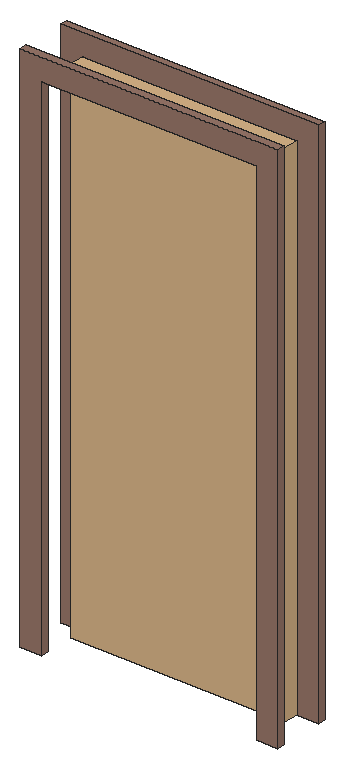
Revit family "单扇门", category 门, Revit 2018
Family settings
  主体 = 墙
  OmniClass 编号 = 23.30.10.00
  OmniClass 标题 = Doors
  总是垂直 = 是
  加载时剪切的空心 = 否
  共享 = 否
  房间计算点 = 否
Parameters (values of type "750 x 1800mm")
  Rough Height = 0.00 mm
  Rough Width = 0.00 mm
  热阻(R) = 0.270117 (m²·K)/W
  Visual Light Transmittance = 0
  贴面宽度 = 76.00 mm
  贴面投影内部 = 25.00 mm
  贴面投影外部 = 25.00 mm
  厚度 = 51.00 mm
  Solar Heat Gain Coefficient = 0
  构造类型 ID = "MDOOR"
  高度 = 1800.00 mm
  墙闭合 = 按主体
  宽度 = 750.00 mm
  传热系数(U) = 3.7021 W/(m²·K)
  功能 = 内部
  框架材质 = 门 - 框架
  门材质 = 门 - 嵌板
  分析构造 = "金属"
Types (4, lengths in mm): name | Rough Height | Rough Width | 高度 | 宽度
  750 x 1800mm | 0.00 | 0.00 | 1800.00 | 750.00
  750 x 2000mm | 3000.00 | 900.00 | 2000.00 | 750.00
  600 x 2000mm | 0.00 | 0.00 | 2000.00 | 600.00
  600 x 1800mm | 0.00 | 0.00 | 1800.00 | 600.00
Reference planes
  plane 1: y = 0
  plane 2: z = 0
  plane 3: x = 0
  plane 4: x = -375
  plane 5: x = 375
  plane 6: z = 1800
Forms (mm)
  Extrusion 1, solid, material "门 - 嵌板" <- "门材质"
    sketch origin (0, 0, 0) x (1, 0, 0) y (0, 0, 1)
      loop
        line (-375, 1800) -> (-375, 0) -> (375, 0) -> (375, 1800) -> (-375, 1800)
    from -76.2 to -25.2
  Extrusion 2, solid, material "门 - 框架" <- "框架材质"
    sketch origin (-1524, -76.2, 0) x (1, 0, 0) y (0, 0, 1)
      loop
        line (1073, 1876) -> (1073, 0) -> (1149, 0) -> (1149, 1800) -> (1899, 1800) -> (1899, 0) -> (1975, 0) -> (1975, 1876) -> (1073, 1876)
    from 0 to 25
  Extrusion 3, solid, material "门 - 框架" <- "框架材质"
    sketch origin (-1524, 76.2, 0) x (-1, 0, 0) y (0, 0, 1)
      loop
        line (-1975, 1876) -> (-1975, 0) -> (-1899, 0) -> (-1899, 1800) -> (-1149, 1800) -> (-1149, 0) -> (-1073, 0) -> (-1073, 1876) -> (-1975, 1876)
    from 0 to 25
Lines and regions (mm)
  Opening 1
    outline origin (-1524, -76.2, 3657.6) x (0, 0, -1) y (1, 0, 0)
      loop
        line (1857.6, 1149) -> (3657.6, 1149) -> (3657.6, 1899) -> (1857.6, 1899) -> (1857.6, 1149)
  symbolic lines, style "DoorsPanelProjection"
    curve 1: line (375, 76.2, 0) -> (324, 76.2, 0)
    curve 2: line (375, 76.2, 0) -> (375, 826.159, 0)
    curve 3: line (375, 826.159, 0) -> (324, 826.159, 0)
    curve 4: line (324, 76.2, 0) -> (324, 826.159, 0)
  model lines, style "DoorsFrameMullionProjection"
    curve 5: line (-451, -76.2, 0) -> (-451, -76.2, 1876)
    curve 6: line (-451, -76.2, 1876) -> (451, -76.2, 1876)
    curve 7: line (451, -76.2, 1876) -> (451, -76.2, 0)
    curve 8: line (451, 76.2, 0) -> (451, 76.2, 1876)
    curve 9: line (-451, 76.2, 1876) -> (451, 76.2, 1876)
    curve 10: line (-451, 76.2, 1876) -> (-451, 76.2, 0)
  symbolic lines, style "平面打开方向"
    curve 11: arc (324, 826.159, 0) -> (-174.261, 589.378, 0) -> (-376.691, 76.2, 0) r 751.691
  symbolic lines, style "立面打开方向"
    curve 12: line (-375, 0, 1800) -> (375, 0, 900)
    curve 13: line (375, 0, 900) -> (-375, 0, 0)
Dimensions and locks
  equal spacing: plane 4, plane 3, plane 5
  "宽度": plane 4 to plane 5
  locked: host wall to curve 1
  control icon elem to plane 5 = 179.408 mm
  "高度": plane 6 to plane 2
  "贴面宽度": plane 4 to curve 5
  "贴面宽度": plane 5 to curve 7
  "贴面宽度": plane 6 to curve 6
  locked: curve 9 to host wall
  "贴面投影外部": Extrusion 3 to host wall
  "贴面投影内部": Extrusion 2 to host wall
  "厚度": curve 4 to plane 5
  "厚度": Extrusion 1 to host wall
  equal spacing: plane 6, curve 13, level
  aligned and locked: host wall to Extrusion 1
  aligned and locked: plane 2 to curve 5
  aligned and locked: curve 7 to level
  aligned and locked: curve 8 to curve 7
  aligned and locked: curve 6 to Extrusion 2 sketch curve
  aligned and locked: Extrusion 2 sketch curve to curve 5
  aligned and locked: Extrusion 2 sketch curve to curve 7
  aligned and locked: Extrusion 2 to Extrusion 3 sketch curve
  aligned and locked: Extrusion 3 sketch curve to Extrusion 2  (x2)
Automatic sketch dimensions
  Opening 1 sketch curve to plane 6 = 0.00 mm
  Opening 1 sketch curve to level = 0.00 mm
  Opening 1 sketch curve to plane 4 = 0.00 mm
  Opening 1 sketch curve to plane 5 = 0.00 mm
  Extrusion 1 sketch curve to plane 4 = 0.00 mm
  Extrusion 1 sketch curve to plane 5 = 0.00 mm
  Extrusion 1 sketch curve to level = 0.00 mm
  Extrusion 1 sketch curve to plane 6 = 0.00 mm
  Extrusion 2 sketch curve to level = 0.00 mm  (x2)
  Extrusion 2 sketch curve to plane 4 = 0.00 mm
  Extrusion 2 sketch curve to plane 5 = 0.00 mm
  Extrusion 2 sketch curve to plane 6 = 0.00 mm
  Extrusion 3 sketch curve to level = 0.00 mm  (x2)
  Extrusion 3 sketch curve to plane 5 = 0.00 mm
  Extrusion 3 sketch curve to plane 4 = 0.00 mm
  Extrusion 3 sketch curve to plane 6 = 0.00 mm
  curve 1 to plane 5 = 0.00 mm
  curve 11 to plane 5 = 0.00 mm
  plane 4 to curve 11 = 1.691 mm
  curve 11 to host wall = 0.00 mm
  curve 12 to plane 4 = 0.00 mm
  curve 12 to plane 6 = 0.00 mm
  curve 13 to plane 5 = 0.00 mm
  curve 10 to level = 0.00 mm
  curve 8 to level = 0.00 mm
  curve 13 to level = 0.00 mm
  curve 13 to plane 4 = 0.00 mm
  curve 9 to curve 5 = 0.00 mm
  curve 10 to curve 5 = 0.00 mm
